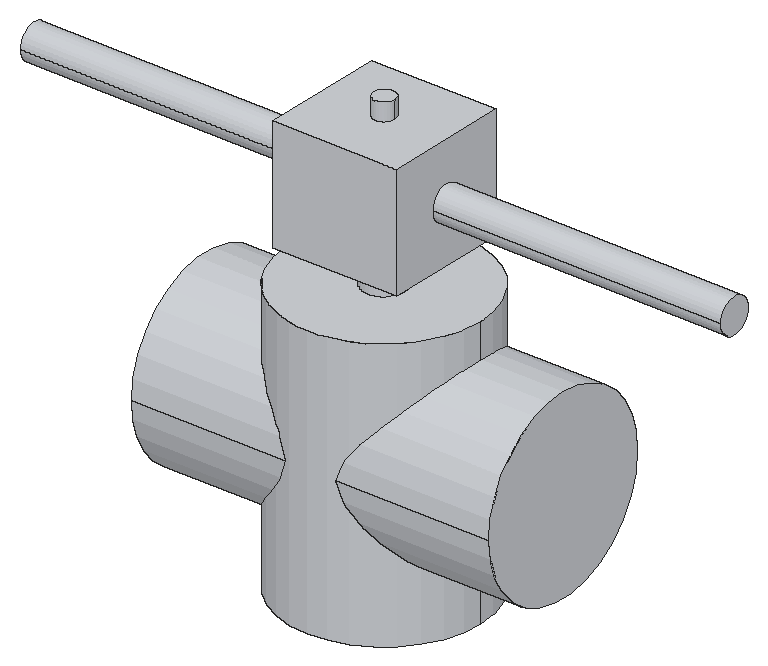
Revit family "4c2a993480394fe6abf8c82f1be23b79", category Pipe Accessories, Revit 2021
Family settings
  Round Connector Dimension = Use Radius
  Part Type = Valve - Breaks Into
  OmniClass Number = 23.65.55.14.17
  OmniClass Title = Adjusting/Controlling Valves for Liquid Services
  Seek Item ID = Plug Valve - 0.5-2 Inch-0000-USA-ENU
  Work Plane-Based = No
  Always vertical = Yes
  Cut with Voids When Loaded = No
  Shared = No
Parameters (values of type "1/2"")
  Valve Material = none
  Valve Length = 0' - 3 1/4"
  Symbol Radius = 0.25 * Half Valve Length  # 0' - 0 13/32"
  Symbol Half Width = Symbol Half Height * 2 * tan(30.00°)  # 0' - 1.08333"
  Symbol Half Height = Half Valve Length * tan(30.00°)  # 0' - 0.93819"
  Radius 4 = 0.5 * Diameter 4  # 0' - 0 3/32"
  Radius 3 = 0.5 * Diameter 3  # 0' - 0 3/16"
  Radius 2 = 0.5 * Diameter 2  # 0' - 0 7/8"
  Outside Radius = 0.5 * Outside Diameter  # 0' - 0 27/32"
  Outside Diameter = 0' - 1 11/16"
  Open Height = 0' - 2 11/16"
  Nominal Radius = 1/4"
  Nominal Diameter = Nominal Radius * 2  # 1/2"
  Lever Radius = 0.5 * Lever Diameter  # 0' - 0 5/32"
  Lever Length = 0' - 6 3/8"
  Lever Diameter = 0' - 0 5/16"
  K Coefficient = 0.33
  Height 4 = 0' - 2 17/32"
  Height 3 = 0' - 1 1/2"
  Height 2 = 0' - 1 5/32"
  Height 1 = 0' - 1 5/16"
  Half Valve Length = 0.5 * Valve Length  # 0' - 1 5/8"
  Half Lever Length = 0.5 * Lever Length  # 0' - 3 3/16"
  Half Adapter Width = 0.5 * Adapter Width  # 0' - 0 9/16"
  Diameter 4 = 0' - 0 3/16"
  Diameter 3 = 0' - 0 3/8"
  Diameter 2 = 0' - 1 3/4"
  Diameter 1 = 0' - 1 11/16"
  Default Elevation = 0' - 0"
  Adapter Width = 0' - 1 1/8"
Types (6): name | Valve Length | Symbol Radius | Symbol Half Width | Symbol Half Height | Radius 4 | Radius 3 | Radius 2 | Outside Radius | Outside Diameter | Open Height | Nominal Radius | Nominal Diameter | Lever Radius | Lever Length | Lever Diameter | K Coefficient | Height 4 | Height 3 | Height 2 | Height 1 | Half Valve Length | Half Lever Length | Half Adapter Width | Diameter 4 | Diameter 3 | Diameter 2 | Diameter 1 | Adapter Width
  (no name) | 0' - 3 1/4" | 0' - 0 13/32" | 0' - 1.08333" | 0' - 0.93819" | 0' - 0 3/32" | 0' - 0 3/16" | 0' - 0 7/8" | 0' - 0 27/32" | 0' - 1 11/16" | 0' - 2 11/16" | 1/4" | 1/2" | 0' - 0 5/32" | 0' - 6 3/8" | 0' - 0 5/16" | 0.33 | 0' - 2 17/32" | 0' - 1 1/2" | 0' - 1 5/32" | 0' - 1 5/16" | 0' - 1 5/8" | 0' - 3 3/16" | 0' - 0 9/16" | 0' - 0 3/16" | 0' - 0 3/8" | 0' - 1 3/4" | 0' - 1 11/16" | 0' - 1 1/8"
  1/2" | 0' - 3 1/4" | 0' - 0 13/32" | 0' - 1.08333" | 0' - 0.93819" | 0' - 0 3/32" | 0' - 0 3/16" | 0' - 0 7/8" | 0' - 0 27/32" | 0' - 1 11/16" | 0' - 2 11/16" | 1/4" | 1/2" | 0' - 0 5/32" | 0' - 6 3/8" | 0' - 0 5/16" | 0.33 | 0' - 2 17/32" | 0' - 1 1/2" | 0' - 1 5/32" | 0' - 1 5/16" | 0' - 1 5/8" | 0' - 3 3/16" | 0' - 0 9/16" | 0' - 0 3/16" | 0' - 0 3/8" | 0' - 1 3/4" | 0' - 1 11/16" | 0' - 1 1/8"
  3/4" | 0' - 3 1/4" | 0' - 0 13/32" | 0' - 1.08333" | 0' - 0.93819" | 0' - 0 3/32" | 0' - 0 3/16" | 0' - 0 7/8" | 0' - 0 27/32" | 0' - 1 11/16" | 0' - 2 11/16" | 3/8" | 3/4" | 0' - 0 5/32" | 0' - 6 3/8" | 0' - 0 5/16" | 1.67 | 0' - 2 17/32" | 0' - 1 1/2" | 0' - 1 5/32" | 0' - 1 5/16" | 0' - 1 5/8" | 0' - 3 3/16" | 0' - 0 9/16" | 0' - 0 3/16" | 0' - 0 3/8" | 0' - 1 3/4" | 0' - 1 11/16" | 0' - 1 1/8"
  1" | 0' - 4 5/8" | 0' - 0 37/64" | 0' - 1.54167" | 0' - 1.33512" | 0' - 0 9/64" | 0' - 0 9/32" | 0' - 1 1/4" | 0' - 1 7/64" | 0' - 2 7/32" | 0' - 3 7/16" | 1/2" | 1" | 0' - 0 3/16" | 0' - 8 3/4" | 0' - 0 3/8" | 0.69 | 0' - 3 7/32" | 0' - 1 7/8" | 0' - 1 7/16" | 0' - 1 23/32" | 0' - 2 5/16" | 0' - 4 3/8" | 0' - 0 13/16" | 0' - 0 9/32" | 0' - 0 9/16" | 0' - 2 1/2" | 0' - 2 7/32" | 0' - 1 5/8"
  1 1/2" | 0' - 5 1/2" | 0' - 0 11/16" | 0' - 1.83333" | 0' - 1.58771" | 0' - 0 11/64" | 0' - 0 21/64" | 0' - 1 31/64" | 0' - 1 11/64" | 0' - 2 11/32" | 0' - 3 21/32" | 3/4" | 1 1/2" | 0' - 0 3/16" | 1' - 0 1/2" | 0' - 0 3/8" | 0.29 | 0' - 3 13/32" | 0' - 2" | 0' - 1 17/32" | 0' - 1 19/32" | 0' - 2 3/4" | 0' - 6 1/4" | 0' - 0 31/32" | 0' - 0 11/32" | 0' - 0 21/32" | 0' - 2 31/32" | 0' - 2 11/32" | 0' - 1 15/16"
  2" | 0' - 6 1/2" | 0' - 0 13/16" | 0' - 2.16667" | 0' - 1.87639" | 0' - 0 3/16" | 0' - 0 25/64" | 0' - 1 3/4" | 0' - 1 33/64" | 0' - 3 1/32" | 0' - 4 5/8" | 1" | 2" | 0' - 0 7/32" | 1' - 6" | 0' - 0 7/16" | 0.27 | 0' - 4 11/32" | 0' - 2 1/2" | 0' - 1 7/8" | 0' - 2 1/32" | 0' - 3 1/4" | 0' - 9" | 0' - 1 9/64" | 0' - 0 3/8" | 0' - 0 25/32" | 0' - 3 1/2" | 0' - 3 1/32" | 0' - 2 9/32"
Reference planes (in)
  plane 1 "Center (Front/Back)": y = 0
  plane 2: z = 0
  plane 3 "Center (Left/Right)": x = 0
  plane 4: x = -1.625
  plane 5: x = 1.625
  plane 6: z = 1.15625
  plane 7: z = -1.3125
  plane 8: z = 1.5
  plane 9: z = 2.53125
  plane 10: x = -3.1875
  plane 11: x = 3.1875
  plane 12: z = 2.01562
  plane 13: z = 2.6875
  plane 14: y = 0.93819
  plane 15: y = -0.93819
  plane 16: x = -1.08333
  plane 17: x = 1.08333
Forms (in)
  Extrusion 1, solid, material <- "Valve Material", detail levels fine
    sketch origin (0, 0, 0) x (0, 1, 0) y (0, 0, 1)
      loop
        circle (0, 0) r 0.84375
    from -1.625 to 1.625
  Extrusion 2, solid, material <- "Valve Material", detail levels fine
    sketch origin (0, 0, 0) x (1, 0, 0) y (0, 1, 0)
      loop
        circle (0, 0) r 0.875
    from -1.3125 to 1.15625
  Extrusion 3, solid, material <- "Valve Material", detail levels fine
    sketch origin (0, 0, 0) x (1, 0, 0) y (0, 1, 0)
      loop
        circle (0, 0) r 0.1875
    from 1.15625 to 1.5
  Extrusion 4, solid, material <- "Valve Material", detail levels fine
    sketch origin (0, 0, 0) x (1, 0, 0) y (0, 1, 0)
      loop
        line (-0.5625, 0.5625) -> (-0.5625, -0.5625) -> (0.5625, -0.5625) -> (0.5625, 0.5625) -> (-0.5625, 0.5625)
    from 1.5 to 2.53125
  Extrusion 5, solid, material <- "Valve Material", detail levels fine
    sketch origin (0, 0, 0) x (0, 1, 0) y (0, 0, 1)
      loop
        circle (0, 2.01562) r 0.15625
    from -3.1875 to 3.1875
  Extrusion 6, solid, material <- "Valve Material", detail levels fine
    sketch origin (0, 0, 0) x (1, 0, 0) y (0, 1, 0)
      loop
        circle (0, 0) r 0.09375
    from 2.53125 to 2.6875
Cuts and joins
  joined: Extrusion 1, Extrusion 2, Extrusion 3, Extrusion 4, Extrusion 5, Extrusion 6
Lines and regions (in)
  model lines, detail levels coarse+medium
    curve 1: line (1.625, 0.93819, 0) -> (1.625, -0.93819, 0)
    curve 2: line (-1.625, 0.93819, 0) -> (-1.625, -0.93819, 0)
    curve 3: line (-1.625, -0.93819, 0) -> (1.625, 0.93819, 0)
    curve 4: line (1.625, -0.93819, 0) -> (-1.625, 0.93819, 0)
    curve 5: circle (0, 0, 0) r 0.40625 normal (0, 0, 1)
Dimensions and locks (in)
  "Half Valve Length": plane 4 to plane 3 "Center (Left/Right)"
  "Half Valve Length": plane 3 "Center (Left/Right)" to plane 5
  "Height 1": plane 2 to plane 7
  "Height 2": plane 6 to plane 2
  "Height 3": plane 8 to plane 2
  "Height 4": plane 9 to plane 2
  equal spacing: Extrusion 4 sketch curve, plane 3 "Center (Left/Right)", Extrusion 4 sketch curve
  "Half Adapter Width": plane 3 "Center (Left/Right)" to Extrusion 4 sketch curve
  equal spacing: Extrusion 4 sketch curve, plane 1 "Center (Front/Back)", Extrusion 4 sketch curve
  "Half Adapter Width": plane 1 "Center (Front/Back)" to Extrusion 4 sketch curve
  "Half Lever Length": plane 3 "Center (Left/Right)" to plane 11
  "Half Lever Length": plane 10 to plane 3 "Center (Left/Right)"
  equal spacing: plane 9, plane 12, plane 8
  "Open Height": plane 13 to plane 2
  "Symbol Half Height": plane 1 "Center (Front/Back)" to plane 15
  "Symbol Half Height": plane 14 to plane 1 "Center (Front/Back)"
  "Symbol Half Width": plane 16 to plane 3 "Center (Left/Right)"
  "Symbol Half Width": plane 3 "Center (Left/Right)" to plane 17
  "Outside Radius": radius of Extrusion 1 sketch curve
  "Radius 2": radius of Extrusion 2 sketch curve
  "Radius 3": radius of Extrusion 3 sketch curve
  "Lever Radius": radius of Extrusion 5 sketch curve
  "Radius 4": radius of Extrusion 6 sketch curve
  "Symbol Radius": radius of curve 5
  aligned and locked: plane 1 "Center (Front/Back)" to Extrusion 1 sketch curve
  aligned and locked: plane 2 to Extrusion 1 sketch curve
  aligned and locked: Extrusion 1 to plane 4
  aligned and locked: Extrusion 1 to plane 5
  aligned and locked: plane 3 "Center (Left/Right)" to Extrusion 2 sketch curve
  aligned and locked: plane 1 "Center (Front/Back)" to Extrusion 2 sketch curve
  aligned and locked: plane 7 to Extrusion 2
  aligned and locked: plane 6 to Extrusion 2
  aligned and locked: plane 3 "Center (Left/Right)" to Extrusion 3 sketch curve
  aligned and locked: plane 1 "Center (Front/Back)" to Extrusion 3 sketch curve
  aligned and locked: Extrusion 3 to plane 6
  aligned and locked: plane 8 to Extrusion 3
  aligned and locked: Extrusion 4 to plane 8
  aligned and locked: plane 9 to Extrusion 4
  aligned and locked: plane 1 "Center (Front/Back)" to Extrusion 5 sketch curve
  aligned and locked: plane 12 to Extrusion 5 sketch curve
  aligned and locked: Extrusion 5 to plane 10
  aligned and locked: Extrusion 5 to plane 11
  aligned and locked: plane 3 "Center (Left/Right)" to Extrusion 6 sketch curve
  aligned and locked: plane 1 "Center (Front/Back)" to Extrusion 6 sketch curve
  aligned and locked: Extrusion 6 to plane 9
  aligned and locked: plane 13 to Extrusion 6
  aligned and locked: plane 5 to curve 1
  aligned and locked: curve 2 to plane 4
  aligned and locked: plane 14 to curve 2
  aligned and locked: plane 15 to curve 1
  aligned and locked: plane 14 to curve 1
  aligned and locked: plane 5 to curve 4
  aligned and locked: plane 4 to curve 3
  aligned and locked: plane 15 to curve 3
  aligned and locked: plane 3 "Center (Left/Right)" to curve 5
  aligned and locked: plane 1 "Center (Front/Back)" to curve 5
Connectors (in)
  piping at (-1.625, 0, 0), diameter 0.5, driven by "Nominal Radius"
    settings: on Extrusion 1, index 1, connector inside diameter 1/2", connector length 0' - 0", flow factor 0, pipe flow 0 GPM, pressure drop 0.00 psi, fitting loss kfactor 0, connector angle 0.00°, fixture units 0, engagement length 0' - 0", angle of deflection 0.00°, flow configuration 0, flow direction 0, fitting loss method 2, system type 29, joint type 0, gender type 0, connector reference index 2, connector utility 0, adjustable connector no, is connector primary yes, connector description ""
  piping at (1.625, 0, 0), diameter 0.5, driven by "K Coefficient", driven by "Nominal Radius"
    settings: on Extrusion 1, index 2, connector inside diameter 1/2", connector length 0' - 0", flow factor 0, pipe flow 0 GPM, pressure drop 0.00 psi, fitting loss kfactor 0.33, connector angle 0.00°, fixture units 0, engagement length 0' - 0", angle of deflection 0.00°, flow configuration 0, flow direction 0, fitting loss method 2, system type 29, joint type 0, gender type 0, connector reference index 1, connector utility 0, adjustable connector no, is connector primary no, connector description ""
